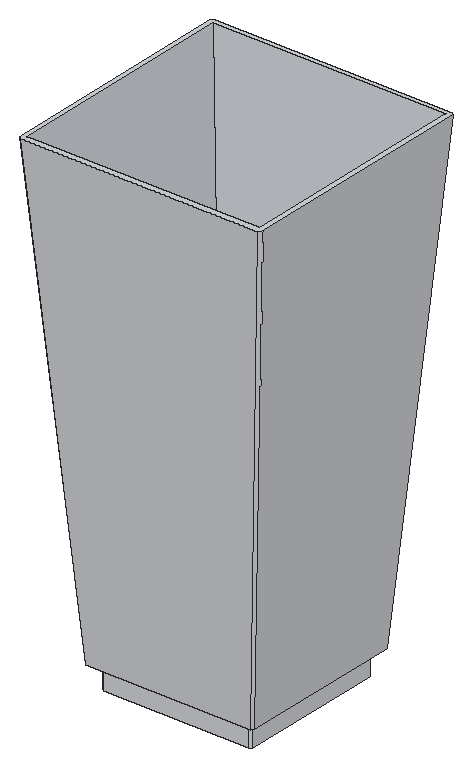
Revit family "Jardinera Rami", category Furniture, Revit 2020
Family settings
  OmniClass Number = 23.40.20.00
  OmniClass Title = General Furniture and Specialties
  Work Plane-Based = No
  Always vertical = Yes
  Cut with Voids When Loaded = No
  Shared = No
  Room Calculation Point = No
Parameters (values of type "Jardinera Rami-UM1210-500mm")
  URL_Producto = ""
  Referencia = ""
  Material = none
  H = 0.500 m
  Ficha_Tecnica = ""
  Fabricante = ""
  Default Elevation = 0.000 m
  B = 0.500 m
  A = 0.500 m
Reference planes (m)
  plane 1 "Center (Front/Back)": y = 0
  plane 2: z = 0
  plane 3 "Center (Left/Right)": x = 0
  plane 4: y = 0.25
  plane 5: y = -0.25
  plane 6: z = 1.03
  plane 7: x = 0.25
  plane 8: x = -0.25
Forms (m)
  Blend 1, solid, material <- "Material"
    base sketch origin (0, 0, 0) x (1, 0, 0) y (0, 1, 0)
      loop
        line (-0.17, 0.175) -> (-0.175, 0.17) -> (-0.175, -0.17) -> (-0.17, -0.175) -> (0.17, -0.175) -> (0.175, -0.17) -> (0.175, 0.17) -> (0.17, 0.175) -> (-0.17, 0.175)
    top sketch origin (0, 0, 0) x (1, 0, 0) y (0, 1, 0)
      loop
        line (-0.245, 0.25) -> (-0.25, 0.245) -> (-0.25, -0.245) -> (-0.245, -0.25) -> (0.245, -0.25) -> (0.25, -0.245) -> (0.25, 0.245) -> (0.245, 0.25) -> (-0.245, 0.25)
    from 0.05 to 1.03
  Blend 2, void
    base sketch origin (0, 0, 0) x (1, 0, 0) y (0, 1, 0)
      loop
        line (0.165, 0.165) -> (-0.165, 0.165) -> (-0.165, -0.165) -> (0.165, -0.165) -> (0.165, 0.165)
    top sketch origin (0, 0, 0) x (1, 0, 0) y (0, 1, 0)
      loop
        line (-0.24, 0.24) -> (-0.24, -0.24) -> (0.24, -0.24) -> (0.24, 0.24) -> (-0.24, 0.24)
    from 0.056759 to 1.03
  Extrusion 3, solid, material <- "Material"
    sketch origin (0, 0, 0) x (1, 0, 0) y (0, 1, 0)
      loop
        line (0.155, 0.15) -> (0.15, 0.155) -> (-0.15, 0.155) -> (-0.155, 0.15) -> (-0.155, -0.15) -> (-0.15, -0.155) -> (0.15, -0.155) -> (0.155, -0.15) -> (0.155, 0.15)
    from 0 to 0.05
Cuts and joins
  Blend 2 cuts Blend 1
Dimensions and locks (m)
  plane 6 to level = 1.030 m
  plane 5 to plane 4 = 0.500 m
  plane 8 to plane 7 = 0.500 m
  aligned and locked: level to plane 2
